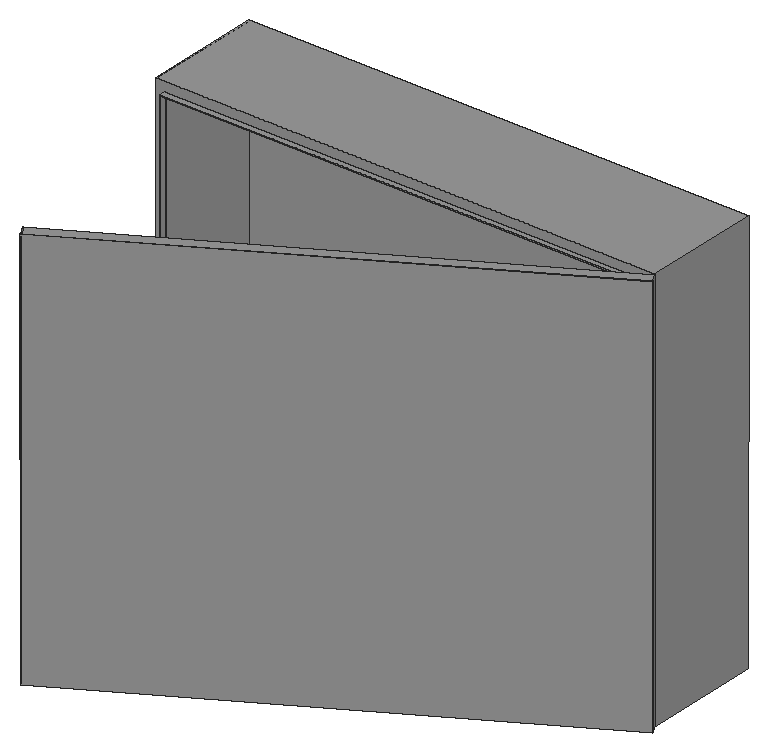
Revit family "Hager-Univers-IP44-D205-H650-Cl.II-Encl-NoHosted-PT-pt", category Electrical Equipment, Revit 2020
Family settings
  Panel Configuration = Two Columns, Circuits Across
  Round Connector Dimension = Use Diameter
  Part Type = Panelboard
  Work Plane-Based = Yes
  Always vertical = Yes
  Cut with Voids When Loaded = No
  Shared = No
  Room Calculation Point = No
Parameters (values of type "Montagem em superfície (gesso) IP44 L800 A650 P205  - FP43SN2")
  Width Control [instance] = if([EF000008 - Largura] > Min Width, [EF000008 - Largura], Min Width)  # 800 mm
  Type Comments = [HG000003 - Gama]  # "Univers"
  Thickness Door [instance] = if([EF009171 - Espessura do material da porta/tampa] > 3 mm, 3 mm, [EF009171 - Espessura do material da porta/tampa])  # 1 mm
  Seal Frame Offset [instance] = 17 mm  # constant formula
  Plinth Visibility [instance] = [HG000027 - Altura da Plinta] > 0 mm  # no
  Min Width [instance] = 100 mm  # constant formula
  Min Depth [instance] = (2 * [EF009170 - Espessura do material do invólucro]) + 1 mm  # 3 mm
  Min Height [instance] = 100 mm  # constant formula
  Internal Frame Depth [instance] = (Door System Depth * 0.5)  # 9 mm
  Panel Name [instance] = ""  # (empty or 0)
  Model = ""
  HG000027 - Altura da Plinta = 0 mm
  HG000026 - Instalação no chão = no
  HG000024 - Altura da secção inferior = 600 mm
  HG000023 - Recinto de secção dupla = no
  HG000016 - Visibilidade da porta 3D [instance] = yes
  HG000015 - Visibilidade através da porta [instance] = no
  HG000014 - Porta à direita [instance] = yes
  HG000013 - Porta à esquerda [instance] = not([HG000014 - Porta à direita])  # no
  HG000012 - Ângulo de abertura de porta [instance] = 30.00°
  HG000010 - Portas assimétricas = no
  HG000009 - Porta dupla = no
  HG000006 - Encastrado = no
  HG000004 - Referência do Fabricante = "FP43SN2"
  HG000003 - Gama = "Univers"
  HG000002 - Com porta ou tampa = yes
  Frame Offset Bottom [instance] = 10 mm  # constant formula
  Frame Offset [instance] = 15 mm  # constant formula
  EF015940 - Tampa com libertação de sobrepressão = no
  EF011959 - Grau de proteção (NEMA) = ""
  EF009554 - Número de aberturas para placas de flange = 6
  EF009212 - Tipo de tampa = "EV000116 - Fechado"
  EF009171 - Espessura do material da porta/tampa = 1 mm
  EF009170 - Espessura do material do invólucro = 1 mm
  EF008873 - Corrente nominal (In) = 250 A
  EF007800 - Adequado para proteção contra raios = no
  EF006306 - Com fecho = no
  EF006244 - Tampa/porta transparente = no
  EF005474 - Grau de proteção (IP) = "EV006418 - IP44"
  EF004464 - Tipo de porta = "EV002646 - Único"
  EF004427 - Número de módulos = 144
  EF004293 - Força de impacto = "EV006815 - IK09"
  EF003532 - Adequado para uso no exterior = no
  EF002950 - Largura em número de módulos = 36
  EF001613 - Integridade do circuito = "EV000494 - Nenhum"
  EF001596 - Material do corpo = "EV000179 - Aço"
  EF001131 - Profundidade interior = 143 mm
  EF001088 - Extensão possível = yes
  EF000437 - Número de entradas de condutores = 6
  EF000339 - Tipo de difusor = "EV001012 - Tampa"
  EF000266 - Número de linhas = 4
  EF000218 - Profundidade incorporada = 205 mm
  EF000118 - Com tampa de montagem = no
  EF000116 - Número RAL = "9010"
  EF000049 - Profundidade = 205 mm
  EF000040 - Altura = 650 mm
  EF000008 - Largura = 800 mm
  EF000007 - Cor = "EV000202 - Branco"
  EF000003 - Método de montagem = "EV000384 - Montagem em superfície (gesso)"
  Door System Leaf Tolerance [instance] = 1.5 mm  # constant formula
  Door System Depth [instance] = 18 mm  # constant formula
  Door Height [instance] = Height Control - [HG000027 - Altura da Plinta]  # 650 mm
  Description = ""
  Default Elevation = 1219.2 mm
  Connector Offset [instance] = Height Control / 2  # 325 mm
  Manufacturer = "Hager"  # constant formula
  Height Control [instance] = if([EF000040 - Altura] > Min Height, [EF000040 - Altura], Min Height)  # 650 mm
  Depth Control [instance] = if([EF000049 - Profundidade] > Min Depth, [EF000049 - Profundidade], Min Depth)  # 205 mm
  Bottom Top Plate Trim [instance] = 1.5 mm  # constant formula
  Plinth height Ctrl [instance] = if([HG000027 - Altura da Plinta] > 0 mm, [HG000027 - Altura da Plinta], 12 mm)  # 12 mm
Types (5, lengths in mm): name | Width Control | HG000010 - Portas assimétricas | HG000009 - Porta dupla | HG000004 - Referência do Fabricante | EF009554 - Número de aberturas para placas de flange | EF004464 - Tipo de porta | EF004427 - Número de módulos | EF002950 - Largura em número de módulos | EF000437 - Número de entradas de condutores | EF000008 - Largura
  Montagem em superfície (gesso) IP44 L1050 A650 P205  - FP44SN2 | 1050 | no | yes | "FP44SN2" | 8 | "EV003602 - Duplo" | 192 | 48 | 8 | 1050
  Montagem em superfície (gesso) IP44 L1300 A650 P205  - FP45SN2 | 1300 | yes | yes | "FP45SN2" | 10 | "EV003602 - Duplo" | 240 | 60 | 10 | 1300
  Montagem em superfície (gesso) IP44 L300 A650 P205  - FP41SN2 | 300 | no | no | "FP41SN2" | 2 | "EV002646 - Único" | 48 | 12 | 2 | 300
  Montagem em superfície (gesso) IP44 L550 A650 P205  - FP42SN2 | 550 | no | no | "FP42SN2" | 4 | "EV002646 - Único" | 96 | 24 | 4 | 550
  Montagem em superfície (gesso) IP44 L800 A650 P205  - FP43SN2 | 800 | no | no | "FP43SN2" | 6 | "EV002646 - Único" | 144 | 36 | 6 | 800
Reference planes
  plane 1 "Center (Front/Back)": y = 0
  plane 2: z = 0
  plane 3 "Center (Left/Right)": x = 0
  plane 4: y = 0
  plane 5: y = 0
  plane 6: z = 0
  plane 7: x = -400
  plane 8: x = 400
  plane 9: x = 399
  plane 10: x = -399
  plane 11: z = 0
  plane 12: z = 1
  plane 13: y = -205
  plane 14: y = -1
  plane 15: x = 0
  plane 16: y = -187
  plane 17: y = -204
  plane 18: y = -186
  plane 19: x = -384
  plane 20: x = 384
  plane 21: z = 11
  plane 22: x = -383
  plane 23: x = 383
  plane 24: z = 0
  plane 25: z = 650
  plane 26: z = 650
  plane 27: z = 634
  plane 28: z = 649
Forms (mm)
  Extrusion 1, solid, material "Hager_Steel_RAL7035_Light_Grey", detail levels medium+fine
    sketch origin (-208.679, -4572, 0) x (-1, 0, 0) y (0, -1, 0)
      loop
        line (191.321, -4385) -> (-608.679, -4385) -> (-608.679, -4572) -> (191.321, -4572) -> (191.321, -4385)
    from 0 to 650
  Extrusion 2, void
    sketch origin (-350.771, -205, 1219.2) x (1, 0, 0) y (0, 0, 1)
      loop
        line (-48.229, -570.2) -> (-48.229, -1218.2) -> (749.771, -1218.2) -> (749.771, -570.2) -> (-48.229, -570.2)
    from -19 to -204
  Extrusion 3, void
    sketch origin (-290.084, -187, 1219.2) x (1, 0, 0) y (0, 0, 1)
      loop
        line (-93.916, -1208.2) -> (674.084, -1208.2) -> (674.084, -585.2) -> (-93.916, -585.2) -> (-93.916, -1208.2)
    from 0 to -1
  Extrusion 4, solid, material "Hager_Steel_RAL7035_Light_Grey", visible <- "Plinth Visibility", detail levels medium+fine
    sketch origin (0, 0, 0) x (1, 0, 0) y (0, 1, 0)
      loop
        line (-400, 0) -> (-400, -187) -> (400, -187) -> (400, 0) -> (-400, 0)
    from 0 to 12 <- "Plinth height Ctrl"
  Extrusion 5, solid, material "Hager_Steel_RAL7035_Light_Grey", detail levels coarse
    sketch origin (0, 0, 0) x (1, 0, 0) y (0, 1, 0)
      loop
        line (-400, 0) -> (-400, -205) -> (400, -205) -> (400, 0) -> (-400, 0)
    from 0 to 650 <- "Height Control"
  Sweep 6, void
    path in 3D
      loop
        line (-400, -187, 12) -> (400, -187, 12) -> (400, 0, 12) -> (-400, 0, 12) -> (-400, -187, 12)
    profile origin (-400, -93.5, 12) x (1, 0, 0) y (0, 0, 1)
      loop
        line (0, 0) -> (0, -1.5) -> (1.5, -1.5)
        arc (1.5, -1.5) -> (1.061, -0.439) -> (0, 0) r 1.5
  Extrusion 7, solid, material "Hager_Steel_RAL7035_Light_Grey", detail levels fine
    sketch origin (-400, -187, 0) x (1, 0, 0) y (0, 0, 1)
      loop
        line (16, 11) -> (784, 11) -> (784, 634) -> (16, 634) -> (16, 11)
      loop
        line (15, 10) -> (785, 10) -> (785, 635) -> (15, 635) -> (15, 10)
    from 0 to 9 <- "Internal Frame Depth"
Cuts and joins
  Extrusion 2, Extrusion 3 cuts Extrusion 1
  Sweep 6 cuts Extrusion 4
Lines and regions (mm)
  Masking region 1
    outline origin (0, 0, 0) x (1, 0, 0) y (0, 1, 0)
      loop
        line (-400, 0) -> (-400, -205) -> (400, -205) -> (400, 0) -> (-400, 0)
  Masking region 2, detail levels coarse
    outline origin (-290.084, -187, 1219.2) x (-1, 0, 0) y (0, 0, 1)
      loop
        line (-690.084, -1219.2) -> (109.916, -1219.2) -> (109.916, -569.2) -> (-690.084, -569.2) -> (-690.084, -1219.2)
  Masking region 3, detail levels coarse
    outline origin (0, 0, 0) x (0, 1, 0) y (0, 0, 1)
      loop
        line (0, 0) -> (0, 650) -> (-205, 650) -> (-205, 0) -> (0, 0)
  Masking region 4, visible <- "Plinth Visibility", detail levels medium+fine
    outline origin (0, 0, 0) x (0, 1, 0) y (0, 0, 1)
      loop
        line (-1.5, 12) -> (-185.5, 12)
        arc (-185.5, 12) -> (-185.939, 10.939) -> (-187, 10.5) r 1.5
        line (-187, 10.5) -> (-187, 0) -> (0, 0) -> (0, 10.5)
        arc (0, 10.5) -> (-1.061, 10.939) -> (-1.5, 12) r 1.5
  Masking region 5, detail levels medium+fine
    outline origin (0, 0, 594.038) x (0, 1, 0) y (0, 0, 1)
      loop
        line (0, -594.038) -> (0, 55.962) -> (-187, 55.962) -> (-187, -594.038) -> (0, -594.038)
  Masking region 6, detail levels medium+fine
    outline origin (-359.7, -187, 1211.883) x (-1, 0, 0) y (0, 0, 1)
      loop
        line (-759.7, -1211.883) -> (40.3, -1211.883) -> (40.3, -561.883) -> (-759.7, -561.883) -> (-759.7, -1211.883)
  Masking region 7, visible <- "Plinth Visibility", detail levels medium+fine
    outline origin (-320.334, -187, 1041.368) x (-1, 0, 0) y (0, 0, 1)
      loop
        line (-720.334, -1041.368) -> (79.666, -1041.368) -> (79.666, -1030.868)
        arc (79.666, -1030.868) -> (78.606, -1030.429) -> (78.166, -1029.368) r 1.5
        line (78.166, -1029.368) -> (-718.834, -1029.368)
        arc (-718.834, -1029.368) -> (-719.273, -1030.429) -> (-720.334, -1030.868) r 1.5
        line (-720.334, -1030.868) -> (-720.334, -1041.368)
  sketch lines
    curve 1: line (-400, 0, 12) -> (-400, -187, 12)
    curve 2: line (-400, -187, 12) -> (400, -187, 12)
    curve 3: line (400, 0, 12) -> (-400, 0, 12)
    curve 4: line (400, -187, 12) -> (400, 0, 12)
Dimensions and locks
  locked: plane 1 "Center (Front/Back)" to plane 5
  "EF009170 - Espessura do material do invólucro": plane 7 to plane 10
  "EF009170 - Espessura do material do invólucro": plane 8 to plane 9
  equal spacing: plane 7, plane 3 "Center (Left/Right)", plane 8
  "Width Control": plane 7 to plane 8
  "Depth Control": plane 4 to plane 13
  "EF009170 - Espessura do material do invólucro": plane 4 to plane 14
  "Height Control": plane 25 to level
  "HG000027 - Altura da Plinta": plane 11 to level
  "EF009170 - Espessura do material do invólucro": plane 12 to plane 11
  "EF009170 - Espessura do material do invólucro": plane 17 to plane 13
  "EF009170 - Espessura do material do invólucro": plane 18 to plane 16
  "Frame Offset Bottom": plane 21 to plane 12
  "Frame Offset": plane 10 to plane 19
  "Frame Offset": plane 9 to plane 20
  "Door System Depth": plane 16 to plane 13
  "Seal Frame Offset": plane 7 to plane 22
  "Seal Frame Offset": plane 8 to plane 23
  "EF009170 - Espessura do material do invólucro": plane 26 to plane 28
  "Frame Offset": plane 28 to plane 27
  "Connector Offset": plane 2 to connector elem
  "Bottom Top Plate Trim": profile plane to Sweep 6 sketch curve
  "Bottom Top Plate Trim": Sweep 6 sketch curve to Sweep 6 sketch curve
  "Plinth height Ctrl": Masking region 4 sketch curve to level
  "Plinth height Ctrl": Masking region 7 sketch curve to level
  "Thickness Door": Extrusion 7 sketch curve to Extrusion 7 sketch curve  (x4)
  "Bottom Top Plate Trim": radius of Sweep 6 sketch curve
  "Bottom Top Plate Trim": radius of Masking region 4 sketch curve  (x2)
  "Bottom Top Plate Trim": radius of Masking region 7 sketch curve  (x2)
  aligned and locked: Extrusion 2 sketch curve to plane 12
  aligned and locked: Extrusion 2 sketch curve to plane 9
  aligned and locked: Extrusion 2 sketch curve to plane 10
  aligned and locked: Extrusion 2 to plane 14
  aligned and locked: Extrusion 1 sketch curve to plane 4
  aligned and locked: plane 8 to Extrusion 1 sketch curve
  aligned and locked: plane 7 to Extrusion 1 sketch curve
  aligned and locked: Extrusion 2 to plane 18
  aligned and locked: Extrusion 3 sketch curve to plane 19
  aligned and locked: plane 20 to Extrusion 3 sketch curve
  aligned and locked: Extrusion 3 to Extrusion 2
  aligned and locked: Extrusion 3 sketch curve to plane 21
  aligned and locked: plane 3 "Center (Left/Right)" to nested 1
  aligned and locked: Extrusion 1 sketch curve to plane 16
  aligned and locked: Extrusion 4 sketch curve to cut or joined group of Extrusion 1, Extrusion 2, Extrusion 3
  aligned and locked: Masking region 1 sketch curve to plane 7
  aligned and locked: Masking region 1 sketch curve to plane 5
  aligned and locked: Masking region 1 sketch curve to plane 8
  aligned and locked: Masking region 2 sketch curve to level
  aligned and locked: level to Masking region 3 sketch curve
  aligned and locked: plane 1 "Center (Front/Back)" to Masking region 3 sketch curve
  aligned and locked: plane 13 to Masking region 3 sketch curve
  aligned and locked: plane 5 to Masking region 4 sketch curve
  aligned and locked: Masking region 2 sketch curve to plane 8
  aligned and locked: Masking region 2 sketch curve to plane 7
  aligned and locked: plane 7 to nested 2
  aligned and locked: nested 2 to plane 5
  aligned and locked: plane 5 to Masking region 5 sketch curve
  aligned and locked: plane 26 to Masking region 5 sketch curve
  aligned and locked: Extrusion 5 sketch curve to plane 8
  aligned and locked: Extrusion 5 sketch curve to plane 7
  aligned and locked: Extrusion 5 sketch curve to plane 5
  aligned and locked: Extrusion 3 sketch curve to plane 27
  aligned and locked: Extrusion 2 sketch curve to plane 28
  aligned and locked: Masking region 2 to plane 25
  aligned and locked: Extrusion 4 to plane 16
  aligned and locked: profile plane to Sweep 6 sketch curve
  aligned and locked: Masking region 5 sketch curve to plane 24
  aligned and locked: level to Masking region 4 sketch curve
  aligned and locked: Masking region 1 to plane 13
  aligned and locked: nested 1 to plane 16
  aligned and locked: Masking region 3 to plane 25
  aligned and locked: plane 16 to Masking region 4 sketch curve
  aligned and locked: Masking region 5 sketch curve to plane 16
  aligned and locked: plane 24 to plane 11
  aligned and locked: plane 26 to plane 25
  aligned and locked: plane 26 to cut or joined group of Extrusion 1, Extrusion 2, Extrusion 3
  aligned and locked: nested 1 to plane 24
  aligned and locked: Extrusion 1 to Extrusion 3
  aligned and locked: Masking region 6 sketch curve to plane 8
  aligned and locked: Masking region 6 sketch curve to plane 24
  aligned and locked: Masking region 6 sketch curve to plane 7
  aligned and locked: Masking region 6 sketch curve to plane 26
  aligned and locked: Masking region 7 sketch curve to plane 7
  aligned and locked: level to Masking region 7 sketch curve
  aligned and locked: Masking region 7 sketch curve to plane 8
  aligned and locked: Extrusion 7 sketch curve to cut or joined group of Extrusion 1, Extrusion 2, Extrusion 3  (x4)
Automatic sketch dimensions
  plane 19 to Extrusion 3 sketch curve = 0 mm
  Extrusion 3 sketch curve to plane 20 = 0 mm
  Extrusion 3 sketch curve to plane 21 = 0 mm
  Extrusion 4 sketch curve to plane 7 = 0 mm
  Extrusion 4 sketch curve to plane 8 = 0 mm
  Extrusion 4 sketch curve to plane 16 = 0 mm
  Masking region 1 sketch curve to plane 13 = 0 mm
  Masking region 2 sketch curve to plane 25 = 0 mm
  Masking region 3 sketch curve to plane 25 = 0 mm
  Extrusion 5 sketch curve to plane 13 = 0 mm
  profile plane to Sweep 6 sketch curve = 0 mm
Nested families
  nested 1: "EC000058_Univers_Door" at (0, -187, 0), Double <- "HG000009 - Porta dupla", Transparent <- "EF006244 - Tampa/porta transparente", Angle <- "HG000012 - Ângulo de abertura de porta", Door_Right <- "HG000014 - Porta à direita", Assymetrical <- "HG000010 - Portas assimétricas", Door <- "HG000002 - Com porta ou tampa", Width_Ctrl <- "Width Control", 3d_Door <- "HG000016 - Visibilidade da porta 3D", Clearance <- "HG000015 - Visibilidade através da porta", Door_Left <- "HG000013 - Porta à esquerda", Width <- "Width Control", Door_Depth <- "Door System Depth", Leaf_Tolerance <- "Door System Leaf Tolerance", Height <- "Door Height", Lock_Visibility <- "EF006306 - Com fecho", Thickness <- "Thickness Door", type "EC000058_Univers_Door", detail levels medium+fine
    with min_wh 3 mm, Width_Ctrl 800 mm, Width 800 mm, Transparent no, Thickness 1 mm, Seal_Material Hager_Rubber, Lock_Visibility no, Lock_Material Hager_Plastic_RAL9005_Jet_Black, Leaf_Width 800 mm, Leaf_Tolerance_External_Sides 0 mm, Leaf_Tolerance 1.5 mm, Leaf_Offset 0 mm, Leaf_Height 647 mm, Leaf_2_Width 800 mm, Leaf_2_Offset 400 mm, Leaf_1_Width 800 mm, Leaf_1_Offset 400 mm, Height_Ctrl 650 mm, Height 650 mm, Glass_Material Hager_Glass, Double_Clearance_Ctrl no, Double no, Door_Right_Ctrl yes, Door_Right yes, Door_Material Hager_Steel_RAL7035_Light_Grey, Door_Left_Ctrl no, Door_Left no, Door_Depth 18 mm, Door yes, Clearance_Material Hager_Clearance, Clearance_Depth 800 mm, Clearance_Ctrl no, Clearance no, Assymetrical no, Angle 30.00°, 3d_Door yes
  nested 2: "Hager_Enclosure_Symbol" at (-400, 0, 0), Height <- "Depth Control", Width <- "Width Control", type "Hager_Enclosure_Symbol"
    with Width_Ctrl 800 mm, Width 800 mm, Height_Ctrl 205 mm, Height 205 mm, A_Width_Int 13.453 mm, A_Width 161.438 mm, A_Height_Ctrl 179.375 mm, A_Height 179.375 mm
Connectors
  electrical at (0, 0, 325)
    settings: on plane 1 "Center (Front/Back)", index 1, voltage 0 V, apparent load 0 VA, apparent load phase1 0 VA, apparent load phase2 0 VA, apparent load phase3 0 VA, power factor 1, load classification "Other", number of poles 1, system type 30, power factor state 1, is connector primary yes, connector utility no, sub classification motor no, connector description ""
Definition of nested family "EC000058_Univers_Door"
  Parameters (values of type "EC000058_Univers_Door")
    min_wh [instance] = (2 * Thickness) + 1 mm  # 11 mm
    Width_Ctrl [instance] = 400 mm
    Width [instance] = 500 mm
    Transparent [instance] = yes
    Thickness [instance] = 5 mm
    Seal_Material [instance] = none
    Lock_Visibility [instance] = yes
    Lock_Material [instance] = none
    Leaf_Width [instance] = if((Width_Ctrl - 2 * Leaf_Tolerance_External_Sides) > 0 mm, (Width_Ctrl - 2 * Leaf_Tolerance_External_Sides), min_wh)  # 400 mm
    Leaf_Tolerance_External_Sides [instance] = 0 mm  # constant formula
    Leaf_Tolerance [instance] = 1.5 mm
    Leaf_Offset [instance] = 0 mm  # constant formula
    Leaf_Height [instance] = if((Height_Ctrl - 2 * Leaf_Tolerance) > 0 mm, (Height_Ctrl - 2 * Leaf_Tolerance), min_wh)  # 497 mm
    Leaf_2_Width [instance] = if(and(and(Double, Assymetrical), Door_Left), (Leaf_Width / 3) - (Leaf_Tolerance / 2), if(and(and(Double, Assymetrical), Door_Right), (Leaf_Width / 3) * 2 - (Leaf_Tolerance / 2), if(and(Double, not(Assymetrical)), (Leaf_Width / 2) - Leaf_Tolerance, Leaf_Width)))  # 400 mm
    Leaf_2_Offset [instance] = if(and(Double, Assymetrical), Leaf_2_Width / 2, if(and(Double, not(Assymetrical)), Leaf_Width / 4, Leaf_Width / 2))  # 200 mm
    Leaf_1_Width [instance] = if(and(and(Double, Assymetrical), Door_Right), (Leaf_Width / 3) - (Leaf_Tolerance / 2), if(and(and(Double, Assymetrical), Door_Left), (Width / 3) * 2 - (Leaf_Tolerance / 2), if(and(Double, not(Assymetrical)), (Leaf_Width / 2) - Leaf_Tolerance, Leaf_Width)))  # 400 mm
    Leaf_1_Offset [instance] = if(and(Double, Assymetrical), Leaf_1_Width / 2, if(and(Double, not(Assymetrical)), Leaf_Width / 4, Leaf_Width / 2))  # 200 mm
    Height_Ctrl [instance] = if(Height > min_wh, Height, min_wh)  # 500 mm
    Height [instance] = 500 mm
    Glass_Material [instance] = none
    Double_Clearance_Ctrl [instance] = and(Double, Clearance)  # no
    Double [instance] = no
    Door_Right_Ctrl [instance] = and(or(Door_Right, Double), Door)  # yes
    Door_Right [instance] = yes
    Door_Material [instance] = none
    Door_Left_Ctrl [instance] = and(or(Door_Left, Double), Door)  # no
    Door_Left [instance] = no
    Door_Depth [instance] = 30 mm
    Door [instance] = yes
    Default Elevation = 1219.2 mm
    Clearance_Material [instance] = none
    Clearance_Depth [instance] = if(Leaf_1_Width > Leaf_2_Width, Leaf_1_Width, Leaf_2_Width)  # 400 mm
    Clearance_Ctrl [instance] = and(not(Double), Clearance)  # yes
    Clearance [instance] = yes
    Assymetrical [instance] = yes
    Angle [instance] = 30.00°
    3d_Door [instance] = yes
  Reference planes
    plane 1 "Center (Front/Back)": y = 0
    plane 2 "Bottom": z = 0
    plane 3 "Center (Left/Right)": x = 0
    plane 4: z = 500
    plane 5: x = -200
    plane 6: x = 200
    plane 7: z = 500
    plane 8: x = -200
    plane 9: z = 0
    plane 10: x = 200
    plane 11: y = 0
    plane 12: z = 1.5
    plane 13: x = -600
    plane 14: y = -400
    plane 15: x = 600
    plane 16: x = 0
    plane 17: x = 0
    plane 18: x = -200
    plane 19: x = 200
    plane 20: z = 498.5
  Forms (mm)
    Extrusion 1, solid, material <- "Clearance_Material", visible <- "Double_Clearance_Ctrl"
      sketch origin (1200, 0, 0) x (1, 0, 0) y (0, 0, -1)
        loop
          line (-1800, -498.5) -> (-600, -498.5) -> (-600, 0) -> (-1800, 0) -> (-1800, -498.5)
      from 0 to -400
  Dimensions and locks
    equal spacing: plane 5, plane 3 "Center (Left/Right)", plane 6
    "Width_Ctrl": plane 5 to plane 6
    "Leaf_Offset": plane 5 to plane 8
    "Leaf_Offset": plane 6 to plane 10
    "Leaf_Offset": plane 9 to level
    "Leaf_Offset": plane 4 to plane 7
    "Height_Ctrl": plane 4 to level
    "Leaf_Tolerance": plane 12 to plane 9
    locked: plane 11 to plane 1 "Center (Front/Back)"
    "Leaf_1_Offset": plane 18 to plane 16
    "Leaf_2_Offset": plane 17 to plane 19
    "Leaf_1_Width": plane 13 to plane 8
    "Leaf_2_Width": plane 10 to plane 15
    "Clearance_Depth": plane 14 to plane 1 "Center (Front/Back)"
    "Leaf_Tolerance_External_Sides": plane 8 to plane 18
    "Leaf_Tolerance_External_Sides": plane 19 to plane 10
    "Leaf_Tolerance": plane 7 to plane 20
    aligned and locked: level to plane 2 "Bottom"
    aligned and locked: nested 1 to plane 16
    aligned and locked: nested 2 to plane 17
    aligned and locked: Extrusion 1 to plane 13
    aligned and locked: plane 15 to Extrusion 1
    aligned and locked: Extrusion 1 to plane 14
    aligned and locked: plane 12 to nested 1
    aligned and locked: nested 2 to plane 12
    aligned and locked: Extrusion 1 to plane 11
    aligned and locked: plane 20 to Extrusion 1
    aligned and locked: nested 2 to plane 11
    aligned and locked: nested 1 to plane 11
  Automatic sketch dimensions
    Extrusion 1 sketch curve to level = 0 mm
    plane 5 to Extrusion 1 sketch curve = 400 mm
    plane 6 to Extrusion 1 sketch curve = 400 mm
    Extrusion 1 sketch curve to plane 4 = 1.5 mm
  Nested families
    nested 1: "EC000058_Univers_Door_Leaf" at (0, 0, 1.5), Width <- "Leaf_1_Width", visible <- "Door_Left_Ctrl", Leaf_Height <- "Leaf_Height", Angle <- "Angle", 3d_Door <- "3d_Door", Transparent <- "Transparent", Clearance Material <- "Clearance_Material", Clearance <- "Clearance_Ctrl", Door_Material <- "Door_Material", Glass_Material <- "Glass_Material", Door_Depth <- "Door_Depth", Lock_Material <- "Lock_Material", Seal_Material <- "Seal_Material", Lock_Visibility <- "Lock_Visibility", Thickness <- "Thickness", type "EC000058_Univers_Door_Leaf"
      with Width 400 mm, Transparent_Glass_Offset 30 mm, Transparent_Ctrl yes, Transparent yes, Thickness 5 mm, Standard no, Seal_Material none, Seal_D2 8 mm, Seal_D1 1 mm, Offset_Internal_Frame 10 mm, Lock_Width 20 mm, Lock_Visibility_3d yes, Lock_Visibility yes, Lock_Thickness_3 3 mm, Lock_Thickness_2 1 mm, Lock_Thickness_1 3 mm, Lock_Radius_Offset_2 16 mm, Lock_Radius_Offset_1 15 mm, Lock_Radius_2 5 mm, Lock_Radius 6 mm, Lock_Offset 5 mm, Lock_Material none, Lock_Height 80 mm, Lock_Cover_Top_Offset_2d 17 mm, Lock_Cover_Height -65 mm, Leaf_Height 497 mm, Internal_Seal_Thickness 8 mm, Internal_Seal_Depth_2 4.5 mm, Internal_Frame_Depth 25 mm, Glass_Thickness -1 mm, Glass_Offset -2 mm, Glass_Material none, Door_Material none, Door_Depth 30 mm, Clearance Material none, Clearance yes, Angle_Ctrl 30.00°, Angle 30.00°, 3d_Door yes
    nested 2: "EC000058_Univers_Door_Leaf" at (0, 0, 1.5) x (-1, 0, 0) z (0, 0, 1), Width <- "Leaf_2_Width", visible <- "Door_Right_Ctrl", Leaf_Height <- "Leaf_Height", Angle <- "Angle", 3d_Door <- "3d_Door", Transparent <- "Transparent", Clearance Material <- "Clearance_Material", Clearance <- "Clearance_Ctrl", Door_Material <- "Door_Material", Glass_Material <- "Glass_Material", Door_Depth <- "Door_Depth", Lock_Material <- "Lock_Material", Seal_Material <- "Seal_Material", Lock_Visibility <- "Lock_Visibility", Thickness <- "Thickness", type "EC000058_Univers_Door_Leaf"
      with Width 400 mm, Transparent_Glass_Offset 30 mm, Transparent_Ctrl yes, Transparent yes, Thickness 5 mm, Standard no, Seal_Material none, Seal_D2 8 mm, Seal_D1 1 mm, Offset_Internal_Frame 10 mm, Lock_Width 20 mm, Lock_Visibility_3d yes, Lock_Visibility yes, Lock_Thickness_3 3 mm, Lock_Thickness_2 1 mm, Lock_Thickness_1 3 mm, Lock_Radius_Offset_2 16 mm, Lock_Radius_Offset_1 15 mm, Lock_Radius_2 5 mm, Lock_Radius 6 mm, Lock_Offset 5 mm, Lock_Material none, Lock_Height 80 mm, Lock_Cover_Top_Offset_2d 17 mm, Lock_Cover_Height -65 mm, Leaf_Height 497 mm, Internal_Seal_Thickness 8 mm, Internal_Seal_Depth_2 4.5 mm, Internal_Frame_Depth 25 mm, Glass_Thickness -1 mm, Glass_Offset -2 mm, Glass_Material none, Door_Material none, Door_Depth 30 mm, Clearance Material none, Clearance yes, Angle_Ctrl 30.00°, Angle 30.00°, 3d_Door yes
  Definition of nested family "EC000058_Univers_Door_Leaf"
    Parameters (values of type "EC000058_Univers_Door_Leaf")
      Width [instance] = 2000 mm
      Transparent_Glass_Offset [instance] = 30 mm
      Transparent_Ctrl [instance] = and(Transparent, [3d_Door])  # yes
      Transparent [instance] = yes
      Thickness [instance] = 5 mm
      Standard [instance] = and(not(Transparent), [3d_Door])  # no
      Seal_Material [instance] = none
      Seal_D2 [instance] = 8 mm  # constant formula
      Seal_D1 [instance] = 1 mm  # constant formula
      Offset_Internal_Frame [instance] = 10 mm  # constant formula
      Lock_Width [instance] = 20 mm  # constant formula
      Lock_Visibility_3d [instance] = and(Lock_Visibility, [3d_Door])  # yes
      Lock_Visibility [instance] = yes
      Lock_Thickness_3 [instance] = 3 mm  # constant formula
      Lock_Thickness_2 [instance] = 1 mm  # constant formula
      Lock_Thickness_1 [instance] = 3 mm  # constant formula
      Lock_Radius_Offset_2 [instance] = Lock_Radius_Offset_1 + 1 mm  # 16 mm
      Lock_Radius_Offset_1 [instance] = 15 mm  # constant formula
      Lock_Radius_2 [instance] = Lock_Radius - 1 mm  # 5 mm
      Lock_Radius [instance] = 6 mm  # constant formula
      Lock_Offset [instance] = 5 mm  # constant formula
      Lock_Material [instance] = none
      Lock_Height [instance] = 80 mm  # constant formula
      Lock_Cover_Top_Offset_2d [instance] = Lock_Radius_Offset_2 + 1 mm  # 17 mm
      Lock_Cover_Height [instance] = -(Lock_Height - Lock_Radius_Offset_1)  # -65 mm
      Leaf_Height [instance] = 2720.336 mm
      Internal_Seal_Thickness [instance] = 8 mm  # constant formula
      Internal_Seal_Depth_2 [instance] = 4.5 mm  # constant formula
      Internal_Frame_Depth [instance] = if(Door_Depth - Thickness > 5 mm, Door_Depth - Thickness, 5 mm)  # 25 mm
      Glass_Thickness [instance] = if(Thickness > 15 mm, Glass_Offset + 10 mm, -1 mm)  # -1 mm
      Glass_Offset [instance] = if(Thickness > 15 mm, -(Thickness + 10 mm) / 2, -2 mm)  # -2 mm
      Glass_Material [instance] = none
      Door_Material [instance] = none
      Door_Depth [instance] = 30 mm
      Default Elevation = 0 mm
      Clearance Material [instance] = none
      Clearance [instance] = yes
      Angle_Ctrl [instance] = if(Angle > 180.00°, 180.00°, Angle)  # 90.00°
      Angle [instance] = 90.00°
      3d_Door [instance] = yes
    Reference planes
      plane 1 "Center (Front/Back)": y = 0
      plane 2: z = 0
      plane 3 "Center (Left/Right)": x = 0
      plane 4: y = 2000
      plane 5: x = -1000
      plane 6: x = 1000
      plane 7: x = -3000
      plane 8: z = 2720.336
      plane 9: z = 30
      plane 10: z = 2690.336
      plane 11: x = 970
      plane 12: x = -970
      plane 13: y = -3
      plane 14: z = 107.833
      plane 15: y = -5
      plane 16: y = -223.314
      plane 17: x = -1000
      plane 18: z = 1360.168
      plane 19: y = 30
    Forms (mm)
      Extrusion 1, solid, material <- "Clearance Material", visible <- "Clearance"
        sketch origin (0, 0, 0) x (1, 0, 0) y (0, 0, 1)
          loop
            line (-3000, 2720.336) -> (-3000, 0) -> (1000, 0) -> (1000, 2720.336) -> (-3000, 2720.336)
        from 0 to -2000
      Extrusion 2, solid, material <- "Door_Material", visible <- "Standard", detail levels medium+fine
        sketch origin (-1000, 0, 0) x (0, 1, 0) y (-1, 0, 0)
          loop
            line (0, 30) -> (0, 25) -> (2000, 25) -> (2000, 30) -> (0, 30)
        from 0 to 2720.336 <- "Leaf_Height"
      Extrusion 3, solid, material <- "Door_Material", visible <- "Transparent_Ctrl", detail levels medium+fine
        sketch origin (-1000, 0, 0) x (0, 1, 0) y (-1, 0, 0)
          loop
            line (0, 25) -> (2000, 25) -> (2000, 30) -> (0, 30) -> (0, 25)
        from 0 to 2720.336 <- "Leaf_Height"
      Extrusion 4, void
        sketch origin (-1025, 2000, 0) x (0, 1, 0) y (0, 0, -1)
          loop
            line (-30, -2690.336) -> (-30, -30) -> (-1970, -30) -> (-1970, -2690.336) -> (-30, -2690.336)
        from 0 to 5 <- "Thickness"
      Sweep 5, solid, material <- "Seal_Material", visible <- "Transparent_Ctrl", detail levels fine
        path in 3D
          loop
            line (-1025, 30, 30) -> (-1025, 30, 2690.336) -> (-1025, 1970, 2690.336) -> (-1025, 1970, 30) -> (-1025, 30, 30)
        profile origin (-1025, 1000, 30) x (1, 0, 0) y (0, 0, 1)
          loop
            line (0, 0) -> (0, -8) -> (1, -8) -> (1, 0) -> (0, 0)
      Extrusion 6, solid, material <- "Glass_Material", visible <- "Transparent_Ctrl", detail levels medium+fine
        sketch origin (-1030, 0, 0) x (0, 1, 0) y (0, 0, -1)
          loop
            line (1970, -2690.336) -> (1970, -30) -> (30, -30) -> (30, -2690.336) -> (1970, -2690.336)
        from -2 <- "Glass_Offset" to -1 <- "Glass_Thickness"
      Extrusion 7, solid, material <- "Door_Material", visible <- "3d_Door", detail levels medium+fine
        sketch origin (-1025, 2000, 0) x (0, -1, 0) y (0, 0, -1)
          loop
            line (0, -2720.336) -> (2000, -2720.336) -> (2000, 0) -> (0, 0) -> (0, -2720.336)
          loop
            line (1995, -5) -> (5, -5) -> (5, -2715.336) -> (1995, -2715.336) -> (1995, -5)
        from 0 to 25 <- "Internal_Frame_Depth"
      Sweep 8, solid, material <- "Seal_Material", visible <- "Transparent_Ctrl", detail levels fine
        path in 3D
          loop
            line (-1025, 0, 0) -> (-1025, 2000, 0) -> (-1025, 2000, 2720.336) -> (-1025, 0, 2720.336) -> (-1025, 0, 0)
        profile origin (-1025, 0, 1360.168) x (1, 0, 0) y (0, 1, 0)
          loop
            line (0, 10) -> (2.975, 10)
            arc (2.975, 10) -> (4.053, 10.447) -> (4.5, 11.525) r 1.525
            line (4.5, 11.525) -> (4.5, 16.527)
            arc (4.5, 16.527) -> (4.069, 17.569) -> (3.027, 18) r 1.473
            line (3.027, 18) -> (0, 18) -> (0, 10)
      Extrusion 9, solid, material <- "Lock_Material", visible <- "Lock_Visibility_3d", detail levels fine
        sketch origin (-1030, 0, 0) x (0, 1, 0) y (0, 0, -1)
          loop
            arc (1993.5, -1400.168) -> (1994.561, -1399.729) -> (1995, -1398.668) r 1.5
            line (1995, -1398.668) -> (1995, -1320.168) -> (1975, -1320.168) -> (1975, -1398.668)
            arc (1975, -1398.668) -> (1975.439, -1399.729) -> (1976.5, -1400.168) r 1.5
            line (1976.5, -1400.168) -> (1993.5, -1400.168)
        from 3 <- "Lock_Thickness_1" to 0
      Blend 10, solid, material <- "Lock_Material", visible <- "Lock_Visibility_3d", detail levels fine
        base sketch origin (-1033, 0, 0) x (0, 1, 0) y (0, 0, -1)
          loop
            line (1975, -1320.168) -> (1975, -1398.668)
            arc (1975, -1398.668) -> (1975.439, -1399.729) -> (1976.5, -1400.168) r 1.5
            line (1976.5, -1400.168) -> (1993.5, -1400.168)
            arc (1993.5, -1400.168) -> (1994.561, -1399.729) -> (1995, -1398.668) r 1.5
            line (1995, -1398.668) -> (1995, -1320.168) -> (1975, -1320.168)
        top sketch origin (-1033, 0, 0) x (0, 1, 0) y (0, 0, -1)
          loop
            line (1976, -1320.168) -> (1976, -1398.668)
            arc (1976, -1398.668) -> (1976.146, -1399.022) -> (1976.5, -1399.168) r 0.5
            line (1976.5, -1399.168) -> (1993.5, -1399.168)
            arc (1993.5, -1399.168) -> (1993.854, -1399.022) -> (1994, -1398.668) r 0.5
            line (1994, -1398.668) -> (1994, -1320.168) -> (1976, -1320.168)
        from 0 to 1 <- "Lock_Thickness_2"
      Blend 11, solid, material <- "Lock_Material", visible <- "Lock_Visibility_3d", detail levels fine
        base sketch origin (-1034, 0, 0) x (0, 1, 0) y (0, 0, -1)
          loop
            line (1978, -1320.168) -> (1978, -1384.168)
            arc (1978, -1384.168) -> (1985, -1391.168) -> (1992, -1384.168) r 7
            line (1992, -1384.168) -> (1992, -1320.168) -> (1978, -1320.168)
        top sketch origin (-1034, 0, 0) x (0, 1, 0) y (0, 0, -1)
          loop
            line (1991, -1320.168) -> (1979, -1320.168) -> (1979, -1383.168)
            arc (1979, -1383.168) -> (1985, -1389.168) -> (1991, -1383.168) r 6
            line (1991, -1383.168) -> (1991, -1320.168)
        from 0 to 3 <- "Lock_Thickness_3"
      Extrusion 12, solid, material <- "Lock_Material", visible <- "Lock_Visibility_3d", detail levels fine
        sketch origin (-1030, 1975, 1320.168) x (1, 0, 0) y (0, -1, 0)
          loop
            line (-7, -19) -> (-7, -1) -> (0, -1) -> (0, 0) -> (-8, 0) -> (-8, -20) -> (0, -20) -> (0, -19) -> (-7, -19)
        from 0 to -65 <- "Lock_Cover_Height"
      Extrusion 13, void
        sketch origin (-1038, 1995, 1320.168) x (-1, 0, 0) y (0, 0, -1)
          loop
            line (-5, -65) -> (0, -65) -> (-5, -60) -> (-5, -65)
        from 0 to 20 <- "Lock_Width"
      Extrusion 14, void
        sketch origin (-1038, 1975, 1320.168) x (0, -1, 0) y (0, 0, -1)
          loop
            circle (-10, -15.995) r 6
          loop
            circle (-10, -15.995) r 5
        from 0 to 2
      Extrusion 15, solid, material <- "Lock_Material", visible <- "Lock_Visibility_3d", detail levels medium
        sketch origin (-1030, 0, 0) x (0, 1, 0) y (0, 0, -1)
          loop
            arc (1993.5, -1400.168) -> (1994.561, -1399.729) -> (1995, -1398.668) r 1.5
            line (1995, -1398.668) -> (1995, -1320.168) -> (1975, -1320.168) -> (1975, -1398.668)
            arc (1975, -1398.668) -> (1975.439, -1399.729) -> (1976.5, -1400.168) r 1.5
            line (1976.5, -1400.168) -> (1993.5, -1400.168)
        from 8 to 0
    Cuts and joins
      Extrusion 4 cuts Extrusion 3
      Extrusion 13, Extrusion 14 cuts Extrusion 9
      Extrusion 14 cuts Blend 11
      Extrusion 13, Extrusion 14 cuts Extrusion 12
      joined: Extrusion 9, Blend 10, Blend 11, Extrusion 12
      Extrusion 14 cuts Extrusion 15
    Lines and regions (mm)
      Masking region 1, visible <- "Lock_Visibility", detail levels fine
        outline origin (0, 0, 0) x (0, 1, 0) y (0, 0, 1)
          loop
            line (30, 1320.168) -> (33, 1320.168) -> (33, 1400.168) -> (30, 1400.168) -> (30, 1320.168)
      Masking region 2, visible <- "Lock_Visibility", detail levels fine
        outline origin (0, 3.143, 0) x (0, 1, 0) y (0, 0, 1)
          loop
            line (29.857, 1354.168) -> (30.857, 1354.168) -> (30.857, 1366.168) -> (29.857, 1366.168) -> (29.857, 1354.168)
      Masking region 3, detail levels medium+fine
        outline origin (0, 0, 0) x (0, 1, 0) y (0, 0, 1)
          loop
            line (0, 0) -> (30, 0) -> (30, 2720.336) -> (0, 2720.336) -> (0, 0)
      Masking region 4, detail levels medium+fine
        outline origin (0, 0, 0) x (1, 0, 0) y (0, 0, 1)
          loop
            line (-1000, 2720.336) -> (-1000, 0) -> (1000, 0) -> (1000, 2720.336) -> (-1000, 2720.336)
      Masking region 5, visible <- "Lock_Visibility", detail levels fine
        outline origin (-47.116, 0, 0) x (1, 0, 0) y (0, 0, 1)
          loop
            arc (1024.616, 1399.168) -> (1023.556, 1398.729) -> (1023.116, 1397.668) r 1.5
            line (1023.116, 1397.668) -> (1023.116, 1320.168) -> (1041.116, 1320.168) -> (1041.116, 1397.668)
            arc (1041.116, 1397.668) -> (1040.677, 1398.729) -> (1039.616, 1399.168) r 1.5
            line (1039.616, 1399.168) -> (1024.616, 1399.168)
      Masking region 6, visible <- "Lock_Visibility", detail levels medium+fine
        outline origin (-25, 0, 0) x (1, 0, 0) y (0, 0, 1)
          loop
            arc (1001.5, 1400.168) -> (1000.439, 1399.729) -> (1000, 1398.668) r 1.5
            line (1000, 1398.668) -> (1000, 1320.168) -> (1020, 1320.168) -> (1020, 1398.668)
            arc (1020, 1398.668) -> (1019.561, 1399.729) -> (1018.5, 1400.168) r 1.5
            line (1018.5, 1400.168) -> (1001.5, 1400.168)
      Masking region 7, visible <- "Lock_Visibility", detail levels fine
        outline origin (-73.735, 0, 0) x (1, 0, 0) y (0, 0, 1)
          loop
            line (1051.735, 1382.168) -> (1065.735, 1382.168) -> (1065.735, 1384.168)
            arc (1065.735, 1384.168) -> (1058.735, 1391.168) -> (1051.735, 1384.168) r 7
            line (1051.735, 1384.168) -> (1051.735, 1382.168)
      Masking region 8, visible <- "Lock_Visibility", detail levels fine
        outline origin (-73.735, 0, 0) x (1, 0, 0) y (0, 0, 1)
          loop
            line (1052.735, 1382.168) -> (1064.735, 1382.168) -> (1064.735, 1383.168)
            arc (1064.735, 1383.168) -> (1058.735, 1389.168) -> (1052.735, 1383.168) r 6
            line (1052.735, 1383.168) -> (1052.735, 1382.168)
      Masking region 9, visible <- "Lock_Visibility", detail levels fine
        outline origin (-25, 0, 0) x (1, 0, 0) y (0, 0, 1)
          loop
            line (1020, 1320.168) -> (1020, 1382.168) -> (1000, 1382.168) -> (1000, 1320.168) -> (1020, 1320.168)
      Masking region 10, detail levels medium+fine
        outline origin (0, 0, 0) x (1, 0, 0) y (0, 0, 1)
          loop
            circle (985, 1335.144) r 6
      Masking region 11, detail levels fine
        outline origin (0, 0, 0) x (1, 0, 0) y (0, 0, 1)
          loop
            circle (985, 1335.144) r 5
      Masking region 12, visible <- "Lock_Visibility", detail levels fine
        outline origin (0, 12.767, 0) x (0, 1, 0) y (0, 0, 1)
          loop
            line (20.233, 1320.168) -> (21.233, 1320.168) -> (21.233, 1399.168) -> (20.233, 1400.168) -> (20.233, 1320.168)
      Masking region 13, visible <- "Lock_Visibility", detail levels fine
        outline origin (0, 13.767, -10) x (0, 1, 0) y (0, 0, 1)
          loop
            line (20.233, 1330.168) -> (23.233, 1330.168) -> (23.233, 1399.168) -> (20.233, 1402.168) -> (20.233, 1330.168)
      Masking region 14, visible <- "Lock_Visibility", detail levels fine
        outline origin (0, 12.767, -10) x (0, 1, 0) y (0, 0, 1)
          loop
            line (20.233, 1330.168) -> (25.233, 1330.168) -> (25.233, 1399.305) -> (20.233, 1394.305) -> (20.233, 1330.168)
      Masking region 15, visible <- "Lock_Visibility", detail levels medium
        outline origin (0, 0, 0) x (0, 1, 0) y (0, 0, 1)
          loop
            line (30, 1320.168) -> (38, 1320.168) -> (38, 1400.168) -> (30, 1400.168) -> (30, 1320.168)
      Masking region 16, visible <- "Lock_Visibility", detail levels fine
        outline origin (-1000, 0, 0) x (0, 1, 0) y (-1, 0, 0)
          loop
            line (1975, 30) -> (1995, 30) -> (1995, 38) -> (1975, 38) -> (1975, 30)
          loop
            line (1979, 37) -> (1976, 37) -> (1976, 34) -> (1978, 34) -> (1979, 37)
          loop
            line (1994, 37) -> (1991, 37) -> (1992, 34) -> (1994, 34) -> (1994, 37)
      Masking region 17, visible <- "Lock_Visibility", detail levels medium
        outline origin (-1000, 0, 0) x (0, 1, 0) y (-1, 0, 0)
          loop
            line (1975, 30) -> (1995, 30) -> (1995, 38) -> (1975, 38) -> (1975, 30)
      symbolic lines
        curve 1: line (1000, 0, 0) -> (-3000, 0, 0)
        curve 2: arc (1000, 0, 0) -> (-1000, 2000, 0) -> (-3000, 0, 0) r 2000
        curve 4: line (-1030, 0, 0) -> (-1030, 2000, 0)
      reference lines
        curve 3: line (-1000, 0, 0) -> (-1000, 2000, 0)
      symbolic lines, detail levels medium+fine
        curve 5: line (-1030, 2000, 0) -> (-1025, 2000, 0)
        curve 7: line (-1025, 0, 0) -> (-1030, 0, 0)
        curve 8: line (-1025, 0, 0) -> (-1000, 0, 0)
        curve 9: line (-1000, 0, 0) -> (-1000, 2000, 0)
        curve 10: line (-1000, 2000, 0) -> (-1025, 2000, 0)
      symbolic lines, detail levels fine
        curve 6: line (-1025, 2000, 0) -> (-1025, 0, 0)
      sketch lines
        curve 11: line (-1025, 0, 2720.336) -> (-1025, 0, 0)
        curve 12: line (-1025, 2000, 0) -> (-1025, 0, 0)
        curve 13: line (-1025, 2000, 2720.336) -> (-1025, 2000, 0)
        curve 14: line (-1025, 0, 2720.336) -> (-1025, 2000, 2720.336)
        curve 15: line (-1025, 1970, 30) -> (-1025, 30, 30)
        curve 16: line (-1025, 30, 30) -> (-1025, 30, 2690.336)
        curve 17: line (-1025, 1970, 2690.336) -> (-1025, 1970, 30)
        curve 18: line (-1025, 30, 2690.336) -> (-1025, 1970, 2690.336)
      symbolic lines, visible <- "Transparent", detail levels medium+fine
        curve 19: line (-970, 0, 2690.336) -> (970, 0, 2690.336)
        curve 20: line (-970, 0, 30) -> (-970, 0, 2690.336)
        curve 21: line (970, 0, 30) -> (-970, 0, 30)
        curve 22: line (970, 0, 2690.336) -> (970, 0, 30)
    Dimensions and locks
      "Width": plane 1 "Center (Front/Back)" to plane 4
      equal spacing: plane 5, plane 3 "Center (Left/Right)", plane 6
      "Width": plane 5 to plane 6
      "Width": plane 7 to plane 5
      "Leaf_Height": plane 8 to level
      "Width": curve 5 to curve 3
      "Width": curve 3 to curve 3
      plane 8 to plane 10 = 30 mm
      plane 9 to level = 30 mm
      plane 12 to plane 5 = 30 mm
      plane 6 to plane 11 = 30 mm
      Extrusion 1 to Extrusion 4 sketch curve = 30 mm
      "Transparent_Glass_Offset": curve 3 to Extrusion 4 sketch curve
      "Transparent_Glass_Offset": Extrusion 4 sketch curve to cut or joined group of Extrusion 3, Extrusion 4  (x2)
      cut or joined group of Extrusion 3, Extrusion 4 to Extrusion 6 sketch curve = 30 mm
      "Transparent_Glass_Offset": cut or joined group of Extrusion 3, Extrusion 4 to Extrusion 4 sketch curve
      "Thickness": curve 6 to curve 4
      "Thickness": Extrusion 7 sketch curve to Extrusion 7 sketch curve  (x4)
      "Door_Depth": curve 4 to curve 3
      "Offset_Internal_Frame": profile plane to Sweep 8 sketch curve
      "Internal_Seal_Thickness": Sweep 8 sketch curve to Sweep 8 sketch curve
      "Internal_Seal_Depth_2": profile plane to Sweep 8 sketch curve
      "Seal_D1": profile plane to Sweep 5 sketch curve
      "Seal_D2": profile plane to Sweep 5 sketch curve
      "Thickness": Extrusion 2 sketch curve to Extrusion 2 sketch curve
      equal spacing: Extrusion 9 sketch curve, plane 18, Extrusion 9 sketch curve  (x2)
      equal spacing: Masking region 1 sketch curve, plane 18, Masking region 1 sketch curve
      "Lock_Height": Masking region 1 sketch curve to Masking region 1 sketch curve
      "Lock_Radius": Masking region 2 sketch curve to plane 18 to Masking region 2 sketch curve
      Masking region 2 sketch curve to Masking region 1 = 1 mm
      "Door_Depth": plane 19 to plane 1 "Center (Front/Back)"
      "Lock_Thickness_1": Masking region 1 sketch curve to plane 19
      "Lock_Width": Extrusion 9 sketch curve to Extrusion 9 sketch curve
      "Lock_Height": Extrusion 9 sketch curve to Extrusion 9 sketch curve
      "Lock_Offset": cut or joined group of Extrusion 3, Extrusion 4 to Extrusion 9 sketch curve
      equal spacing: plane 8, plane 18, level
      "Lock_Radius_Offset_1": Blend 11 sketch curve to Blend 10
      locked: Blend 10 to Blend 11 sketch curve at 2  (x2)
      locked: var sketch to Blend 11 sketch curve at 1  (x2)
      "Lock_Radius_Offset_2": Blend 11 sketch curve to Blend 10
      locked: Extrusion 12 sketch curve to Extrusion 12 sketch curve at 1  (x3)
      Masking region 6 sketch curve to Masking region 6 sketch curve = 80 mm
      "Lock_Height": Masking region 6 sketch curve to Masking region 6 sketch curve
      "Lock_Width": Masking region 6 sketch curve to Masking region 6 sketch curve
      locked: Masking region 6 to Masking region 5 sketch curve at 1  (x3)
      locked: Masking region 5 to Masking region 7 sketch curve at 2  (x2)
      "Lock_Radius_Offset_1": Masking region 5 to Masking region 7 sketch curve
      "Lock_Radius_Offset_2": Masking region 5 to Masking region 8 sketch curve
      locked: Masking region 7 to Masking region 8 sketch curve at 1  (x2)
      "Lock_Cover_Top_Offset_2d": Masking region 5 to Masking region 9 sketch curve
      equal spacing: Masking region 9, Masking region 10 sketch curve, Masking region 9
      equal spacing: Masking region 9, Masking region 11 sketch curve, Masking region 9
      Extrusion 15 sketch curve to Extrusion 15 sketch curve = 80 mm
      "Lock_Width": Extrusion 15 sketch curve to Extrusion 15 sketch curve
      "Lock_Height": Extrusion 15 sketch curve to Extrusion 15 sketch curve
      equal spacing: Extrusion 15 sketch curve, plane 18, Extrusion 15 sketch curve
      "Lock_Thickness_3": Masking region 13 sketch curve to Masking region 13 sketch curve
      "Lock_Height": Masking region 12 sketch curve to Masking region 12 sketch curve
      locked: Masking region 13 sketch curve to Masking region 1 at 8
      locked: Masking region 14 sketch curve to Masking region 13 at 1
      locked: Masking region 14 sketch curve to Masking region 1 at 10.863
      "Lock_Height": Masking region 15 sketch curve to Masking region 15 sketch curve
      "Lock_Offset": Extrusion 15 sketch curve to cut or joined group of Extrusion 3, Extrusion 4
      "Lock_Offset": plane 6 to Masking region 6 sketch curve
      radius of Sweep 8 sketch curve = 1.525 mm
      radius of Sweep 8 sketch curve = 1.473 mm
      radius of Extrusion 9 sketch curve = 1.5 mm  (x2)
      "Lock_Radius": radius of Extrusion 14 sketch curve
      "Lock_Radius_2": radius of Extrusion 14 sketch curve
      "Lock_Radius": radius of Masking region 10 sketch curve
      "Lock_Radius_2": radius of Masking region 11 sketch curve
      radius of Extrusion 15 sketch curve = 1.5 mm  (x2)
      "Angle_Ctrl": angle plane 1 "Center (Front/Back)" to curve 3
      locked: Masking region 12 sketch curve to Masking region 12 sketch curve (angle 45.00°)
      locked: Masking region 13 sketch curve to Masking region 13 sketch curve (angle 45.00°)
      locked: Masking region 14 sketch curve to Masking region 14 sketch curve (angle 45.00°)
      aligned and locked: level to plane 2
      aligned and locked: Extrusion 1 to curve 1
      aligned and locked: plane 6 to Extrusion 1
      aligned and locked: Extrusion 1 to plane 1 "Center (Front/Back)"
      aligned and locked: plane 4 to Extrusion 1
      aligned and locked: plane 8 to Extrusion 1
      aligned and locked: curve 7 to Extrusion 2 sketch curve
      aligned and locked: curve 5 to Extrusion 2 sketch curve
      aligned and locked: curve 7 to Extrusion 3 sketch curve
      aligned and locked: Extrusion 3 sketch curve to curve 4
      aligned and locked: Extrusion 3 sketch curve to curve 6
      aligned and locked: Extrusion 3 sketch curve to curve 5
      aligned and locked: curve 9 to curve 3
      aligned and locked: Extrusion 7 sketch curve to cut or joined group of Extrusion 3, Extrusion 4  (x4)
      aligned and locked: plane 17 to curve 3
      aligned and locked: plane 1 "Center (Front/Back)" to curve 3
      aligned and locked: plane 17 to plane 5
      aligned and locked: Sweep 8 sketch curve to profile plane
      aligned and locked: Sweep 5 sketch curve to profile plane  (x2)
      aligned and locked: Masking region 1 to Masking region 2 sketch curve
      aligned and locked: plane 19 to Masking region 1 sketch curve
      aligned and locked: plane 1 "Center (Front/Back)" to Masking region 3 sketch curve
      aligned and locked: plane 19 to Masking region 3 sketch curve
      aligned and locked: level to Masking region 3 sketch curve
      aligned and locked: Masking region 3 sketch curve to plane 8
      aligned and locked: plane 17 to Masking region 4 sketch curve
      aligned and locked: level to Masking region 4 sketch curve
      aligned and locked: Masking region 4 sketch curve to plane 8
      aligned and locked: plane 12 to curve 20
      aligned and locked: plane 10 to curve 19
      aligned and locked: plane 11 to curve 22
      aligned and locked: curve 21 to plane 9
      aligned and locked: Extrusion 2 sketch curve to cut or joined group of Extrusion 3, Extrusion 4
      aligned and locked: Blend 10 sketch curve to Extrusion 9  (x4)
      aligned and locked: Extrusion 9 to Blend 10 sketch curve
      aligned and locked: Blend 10 to Blend 11 sketch curve
      aligned and locked: Extrusion 12 sketch curve to Blend 11
      aligned and locked: Extrusion 12 sketch curve to Extrusion 9  (x4)
      aligned and locked: Masking region 5 sketch curve to Masking region 6
      aligned and locked: Masking region 9 sketch curve to Masking region 6  (x3)
      aligned and locked: Masking region 12 sketch curve to Masking region 1
      aligned and locked: Masking region 13 sketch curve to Masking region 1
      aligned and locked: Masking region 12 to Masking region 14
      aligned and locked: Masking region 14 sketch curve to Masking region 1
      aligned and locked: Masking region 15 sketch curve to Masking region 14
      aligned and locked: Masking region 13 sketch curve to Masking region 12
      aligned and locked: Masking region 16 sketch curve to cut or joined group of Extrusion 14, Extrusion 15  (x4)
      aligned and locked: Masking region 16 sketch curve to cut or joined group of Extrusion 9, Blend 10, Blend 11, Extrusion 12, Extrusion 13, Extrusion 14  (x6)
      aligned and locked: cut or joined group of Extrusion 9, Blend 10, Blend 11, Extrusion 12, Extrusion 13, Extrusion 14 to Masking region 16 sketch curve
      aligned and locked: Masking region 17 sketch curve to cut or joined group of Extrusion 14, Extrusion 15  (x3)
      aligned and locked: Masking region 17 sketch curve to cut or joined group of Extrusion 9, Blend 10, Blend 11, Extrusion 12, Extrusion 13, Extrusion 14
      aligned and locked: Masking region 9 to Masking region 8 sketch curve
      aligned and locked: Masking region 9 to Masking region 7 sketch curve
    Automatic sketch dimensions
      plane 1 "Center (Front/Back)" to curve 2 = 0 mm
      curve 2 to plane 5 = 0 mm
      Extrusion 1 sketch curve to level = 0 mm
      Extrusion 1 sketch curve to plane 7 = 0 mm
      Extrusion 1 sketch curve to plane 6 = 0 mm
      Extrusion 1 sketch curve to plane 8 = 0 mm
      Extrusion 3 to Extrusion 6 sketch curve = 30 mm  (x4)
      Masking region 4 sketch curve to plane 6 = 0 mm
      Blend 10 sketch curve to Extrusion 9 = 1.5 mm
      Blend 10 sketch curve to Extrusion 9 = 1 mm
      Extrusion 13 sketch curve to Extrusion 12 = 0 mm  (x2)
      Extrusion 12 to Extrusion 13 sketch curve = 3 mm
      Extrusion 13 sketch curve to Extrusion 12 = 5 mm
      Extrusion 14 sketch curve to Extrusion 14 sketch curve = 0 mm  (x2)
      Extrusion 14 sketch curve to Extrusion 12 = 10 mm
      Extrusion 14 sketch curve to Extrusion 12 = 15.995 mm
      Masking region 5 sketch curve to Masking region 5 sketch curve = 1.5 mm  (x2)
      Masking region 10 sketch curve to plane 18 = 25.024 mm
      Masking region 11 sketch curve to plane 18 = 25.024 mm
      plane 19 to Masking region 14 sketch curve = 3 mm
      Masking region 16 sketch curve to Masking region 16 sketch curve = 3 mm
      curve 4 to curve 3 = 0 mm
      Blend 10 to Blend 11 sketch curve = 0 mm
      Masking region 6 sketch curve to Masking region 6 sketch curve = 1.5 mm  (x2)
      Masking region 6 sketch curve to plane 18 = 40 mm
      plane 19 to Masking region 12 sketch curve = 3 mm
      Masking region 12 sketch curve to Masking region 12 sketch curve = 1 mm
      Masking region 15 sketch curve to plane 19 = 0 mm
      Masking region 15 sketch curve to plane 18 = 40 mm
      radius of Blend 10 sketch curve to Extrusion 9 = 1 mm
Definition of nested family "Hager_Enclosure_Symbol"
  Parameters (values of type "Hager_Enclosure_Symbol")
    Width_Ctrl [instance] = if(Width > 1 mm, Width, 1 mm)  # 102.27 mm
    Width [instance] = 102.27 mm
    Height_Ctrl [instance] = if(Height > 1 mm, Height, 1 mm)  # 66.5 mm
    A_Width_Int [instance] = if(A_Width / 12 > 2 mm, A_Width / 12, 2 mm)  # 4.364 mm
    A_Width [instance] = if(A_Height_Ctrl * 0.9 > 2 mm, A_Height_Ctrl * 0.9, 2 mm)  # 52.369 mm
    A_Height_Ctrl [instance] = if(A_Height > 2 mm, A_Height, 2 mm)  # 58.188 mm
    Height [instance] = 66.5 mm
    A_Height [instance] = Height - (Height / 8)  # 58.188 mm
  Reference planes
    plane 1 "Centre (avant/arrière)": y = 0
    plane 2: z = 0
    plane 3 "Centre (gauche/droite)": x = 0
    plane 4: x = 52.369
    plane 5: y = 33.042
    plane 6: y = 41.77
    plane 7: y = 66.5
    plane 8: x = 26.184
    plane 9: y = 37.406
    plane 10: x = 102.27
    plane 11: y = 66.5
    plane 12: y = 8.313
  Lines and regions (mm)
    Filled region 1, type "Solid_Black", in view "Niveau de réf."
      outline origin (0, 0, 0) x (1, 0, 0) y (0, 1, 0)
        loop
          line (52.369, 66.5) -> (33.188, 54.536) -> (45.365, 45.006) -> (52.369, 66.5)
    Filled region 2, type "Solid_Black", in view "Niveau de réf."
      outline origin (0, 0, 0) x (1, 0, 0) y (0, 1, 0)
        loop
          line (0, 0) -> (102.27, 0) -> (102.27, 66.5) -> (0, 0)
    detail lines, in view "Niveau de réf."
      curve 1: line (0, 8.313, 0) -> (26.184, 41.77, 0)
      curve 2: line (26.184, 41.77, 0) -> (26.184, 33.042, 0)
      curve 3: line (26.184, 33.042, 0) -> (52.369, 66.5, 0)
  Dimensions and locks
    "A_Width": plane 3 "Centre (gauche/droite)" to plane 4
    equal spacing: plane 3 "Centre (gauche/droite)", plane 8, plane 4
    equal spacing: plane 6, plane 9, plane 5
    equal spacing: curve 3, Filled region 1 sketch curve, Filled region 1 sketch curve
    "Height_Ctrl": plane 1 "Centre (avant/arrière)" to plane 11
    "A_Height_Ctrl": plane 11 to plane 12
    equal spacing: plane 11, plane 9, plane 12
    "A_Width_Int": plane 6 to plane 9
    "Width_Ctrl": plane 3 "Centre (gauche/droite)" to plane 10
    angle Filled region 1 sketch curve to curve 3 = 20.00°
    angle curve 3 to Filled region 1 sketch curve = 20.00°
    locked: curve 3 to Filled region 1 sketch curve (angle 90.00°)
    aligned and locked: plane 10 to Filled region 2
    aligned and locked: plane 11 to Filled region 2 sketch curve
    aligned and locked: plane 10 to Filled region 2 sketch curve
    aligned and locked: plane 3 "Centre (gauche/droite)" to curve 1
    aligned and locked: plane 12 to curve 1
    aligned and locked: plane 7 to plane 11
  Automatic sketch dimensions
    Filled region 1 sketch curve to plane 4 = 0 mm
    Filled region 1 sketch curve to plane 7 = 0 mm
    plane 1 "Centre (avant/arrière)" to Filled region 2 sketch curve = 0 mm
    Filled region 2 sketch curve to plane 3 "Centre (gauche/droite)" = 0 mm
    curve 2 to plane 6 = 0 mm
    curve 2 to plane 8 = 0 mm
    curve 3 to plane 4 = 0 mm
    curve 2 to plane 5 = 0 mm
    curve 3 to plane 7 = 0 mm
